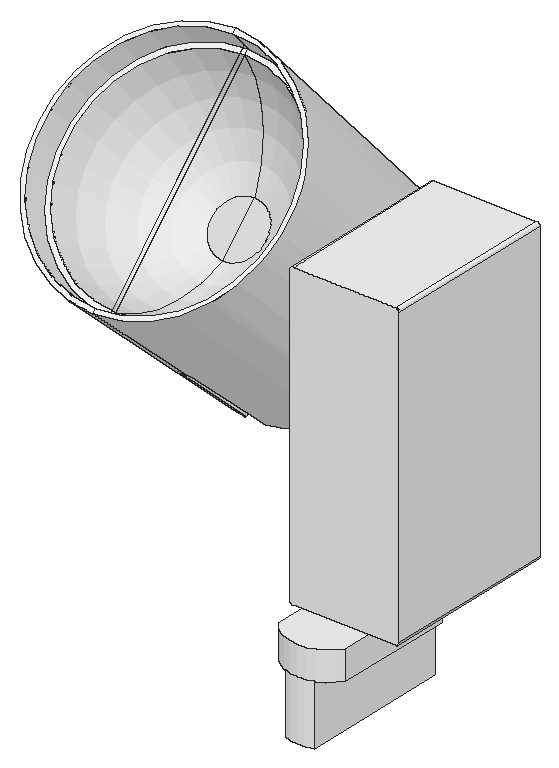
Revit family "0004820 Feilo Sylvania Lighting Fixture START TRACK SPOT L 55W 3K RA80 NB WHITE", category Lighting Fixtures, host Face, Revit 2017
Family settings
  Host = Face
  Round Connector Dimension = Use Diameter
  Part Type = Normal
  OmniClass Number = 23.80.70.00
  OmniClass Title = Lighting
  Cut with Voids When Loaded = No
  Light Source = No
  Shared = No
  Room Calculation Point = No
Parameters (values of type "0004820 START TRACK SPOT L 55W 3K RA80 NB WHITE")
  Weight = "1.398 kg"
  Wattage Comments = ""
  WarrantyStartDate [instance] = "n/a"
  WarrantyGuarantorParts = "n/a"
  WarrantyDurationUnit = "n/a"
  WarrantyDurationParts = "n/a"
  WarrantyDescription = "n/a"
  Voltage = 230 V
  URL = "http://www.sylvania-lighting.com"
  TypeName = "START TRACK SPOT L 55W 3K RA80 NB WHITE"
  TypeHead_FEILO = Start Track Spot Head : 0004820 START TRACK SPOT L 55W 3K RA80 NB WHITE
  TypeBox_FEILO = Start Track Spot Box : Type Large White
  Type Image = <None>
  Type Comments = "n/a"
  VerticalRotation_FEILO [instance] = 0.00°
  SlideEndAngle_FEILO [instance] = VerticalRotation_FEILO + 180.00°  # 180.00°
  SerialNumber [instance] = "n/a"
  Material_3_FEILO = none
  PowerFactor = 0.96
  PowerConsumption = "55 W"
  NominalLength = 0 mm
  NominalHeight = 240 mm
  NominalDepth = 164 mm
  Name = "START TRACK SPOT L 55W 3K RA80 NB WHITE"
  ModelReference = Name  # "START TRACK SPOT L 55W 3K RA80 NB WHITE"
  ModelNumber = "0004820"
  Model = Name  # "START TRACK SPOT L 55W 3K RA80 NB WHITE"
  Material = "adc12 aluminium housing, polycarbonate diffuser"
  ManufacturerName = "Feilo Sylvania"
  Manufacturer = "Feilo Sylvania"
  LuminousEfficacy = "99 lm/W"
  LuminaireType = ""
  LightOutputRatio = "100"
  LampsType = Lamp  # "LED"
  LampNominalLuminous = "5449 lm"
  LampMacAdamStep = "3"
  LampColourTemperature = "3000 K"
  LampColourRenderingIndex = "80"
  Lamp = "LED"
  Keynote = "16500"
  InstallationDate [instance] = "n/a"
  InputVoltage = "230-240V~"
  InputNominalFrequency = "50/60 Hz"
  IngressProtection = "IP20"
  ImpactProtectionIndex = "IK02"
  IfcExportType = "IfcLightFixtureType"
  IfcExportAs = "IfcLightFixtureType"
  HorizontalRotation_FEILO [instance] = 45.00°
  ExpectedLife = 50000
  ElectricShockClassification = "Class II"
  DurationUnit = "hours"
  DocumentationLiterature = "http://www.sylvania-lighting.com/product/en-int/products/0004820"
  DimmingControlOptions = "Non dimmable"
  Material_2_FEILO = none
  Description = "Integrated LED spotlight, Textured White - RAL9016, compact and minimalist design, ideal for retail applications, die-cast aluminium body, passive cooling heatsink. Beam angle: 15°, color temperature: 3000K , total system power: 55W, total fixture output: 5449 lm, LOR: 100%, colour rendering: Ra: 80 typical, LED Chromaticity: 3 step MacAdam ellipse, lifetime: >50000 hours at L70B50, energy class: A++, A+, A, IR/UV free light source without heat radiation, operating voltage: 220-240V / 50-60Hz, drive current: 1400mA, electronic driver, non-dimmable, power factor: 0.96, electrical protection: Class II, Global Track 3 Phase adapter suitable for Global trac 3-circuit tracks, ingress protection rating: IP20, suitable for internal environment only, horizontal rotation: 355°, vertical tilt: 90°, dimensions: Ø113x164x240, weight: 1.398kg."
  Default Elevation = 1219.2 mm
  CreatedOn = "12/12/2017"
  CreatedBy = ""
  Cost = 0
  built-in parameter 1114216 [instance] = (empty or 0)
  ClassificationValue = "EF_70_80"
  ClassificationName = "Uniclass2015"
  Material_1_FEILO = Body-Sylvania-StartTrackSpot-White
  BarCode [instance] = "n/a"
  AssetType = "Fixed"
  AssetIdentifier [instance] = "n/a"
  Assembly Code = "D5020200"
  Apparent Load = 55 VA
  Material_4_FEILO = none
Reference planes
  plane 1 "Center (Front/Back)": y = 0
  plane 2: z = 0
  plane 3 "Center (Left/Right)": x = 0
  plane 4: x = 15
  plane 5: x = -15
  plane 6: y = 35
  plane 7: y = -35
  plane 8: z = 13
  plane 9: z = -27
  plane 10: x = 6.5
  plane 11: x = -6.5
  plane 12: y = 27
  plane 13: y = -27
  plane 14: y = 20
Forms (mm)
  Extrusion 1, solid, material "Body-Sylvania-StartTrackSpot-White" <- "Material_1_FEILO"
    sketch origin (0, 0, 0) x (1, 0, 0) y (0, 1, 0)
      loop
        line (-15, 27) -> (-15, -27)
        arc (-15, -27) -> (0, -35) -> (15, -27) r 18.062
        line (15, -27) -> (15, 27)
        arc (15, 27) -> (0, 35) -> (-15, 27) r 18.062
    from 0 to 13
  Extrusion 2, solid, material "Body-Sylvania-StartTrackSpot-White" <- "Material_1_FEILO"
    sketch origin (0, 0, 0) x (1, 0, 0) y (0, 1, 0)
      loop
        arc (6.5, 33.79) -> (0, 35) -> (-6.5, 33.79) r 18.062
        line (-6.5, 33.79) -> (-6.5, -33.79)
        arc (-6.5, -33.79) -> (0, -35) -> (6.5, -33.79) r 18.062
        line (6.5, -33.79) -> (6.5, 33.79)
    from 0 to -27
  Revolve 3, solid, not visible
    sketch origin (1524, 20, 1219.2) x (1, 0, 0) y (0, 0, 1)
      loop
        line (-1524, -1206.2) -> (-1524, -1191.285) -> (-1530.5, -1191.285) -> (-1530.5, -1206.2) -> (-1524, -1206.2)
      axis (-1524, -1191.285) -> (-1524, -1206.2)
    angle from 0 <- "VerticalRotation_FEILO" to 180 <- "SlideEndAngle_FEILO"
Cuts and joins
  joined: Extrusion 1, Extrusion 2
Dimensions and locks
  equal spacing: plane 10, plane 3 "Center (Left/Right)", plane 11
  equal spacing: plane 4, plane 3 "Center (Left/Right)", plane 5
  locked: plane 8 to plane 2 at 13
  locked: plane 8 to plane 9 at 40
  equal spacing: plane 13, plane 1 "Center (Front/Back)", plane 12
  locked: plane 12 to plane 6 at 8
  locked: plane 14 to plane 6 at 15
  locked: Revolve 3 sketch curve to plane 8 at 14.915
  aligned and locked: plane 2 to host face
  aligned and locked: level to host face
  aligned and locked: plane 5 to Extrusion 1 sketch curve  (x2)
  aligned and locked: plane 12 to Extrusion 1 sketch curve
  aligned and locked: plane 13 to Extrusion 1 sketch curve
  aligned and locked: plane 4 to Extrusion 1 sketch curve
  aligned and locked: Extrusion 1 to plane 8
  aligned and locked: Extrusion 1 to level
  aligned and locked: Extrusion 2 sketch curve to Extrusion 1  (x2)
  aligned and locked: Extrusion 2 sketch curve to plane 11
  aligned and locked: plane 10 to Extrusion 2 sketch curve
  aligned and locked: plane 9 to Extrusion 2
  aligned and locked: level to Extrusion 2
  aligned and locked: Revolve 3 sketch curve to plane 3 "Center (Left/Right)"  (x2)
  aligned and locked: plane 11 to Revolve 3 sketch curve
  aligned and locked: Revolve 3 sketch curve to plane 8
Automatic sketch dimensions
  host sketch curve to host sketch curve = 2438.4 mm  (x2)
  Extrusion 1 sketch curve to plane 3 "Center (Left/Right)" = 0 mm  (x2)
  Extrusion 1 sketch curve to plane 13 = 10.062 mm
  plane 12 to Extrusion 1 sketch curve = 10.062 mm
  Revolve 3 sketch curve to plane 3 "Center (Left/Right)" = 0 mm
  plane 9 to Revolve 3 sketch curve = 582.6 mm
  Revolve 3 sketch curve to Revolve 3 sketch curve = 2581.144 mm
Nested families
  nested 1: "Start Track Spot Head" at (-75.5, 20, 133) x (0, 0.7071, 0.7071) z (0, 0.7071, -0.7071), type <- "TypeHead_FEILO", type "0004820 START TRACK SPOT L 55W 3K RA80 NB WHITE"
    with built-in parameter 1114216 (empty or 0)
  nested 2: "Start Track Spot Box" at (8.5, 20, 85) x (-1, 0, 0) z (0, -1, 0), BoxStartAngle_FEILO <- "HorizontalRotation_FEILO", type <- "TypeBox_FEILO", type "Type Large White"
    with BoxStartAngle_FEILO 45.00°, BoxEndAngle_FEILO -135.00°
Connectors
  electrical at (0, 0, 0), driven by "Apparent Load", driven by "PowerFactor", driven by "Voltage"
    settings: index 1, voltage 230 V, apparent load 55 VA, apparent load phase1 0 VA, apparent load phase2 0 VA, apparent load phase3 0 VA, power factor 0.96, load classification "Lighting", number of poles 1, system type 30, power factor state 1, is connector primary yes, connector utility no, sub classification motor no, connector description ""
Definition of nested family "Start Track Spot Head"
  Parameters (values of type "0004811 START TRACK SPOT S 14W 3K RA80 NB WHITE")
    Wattage Comments = "n/a"
    Wattage = 14 W
    built-in parameter 1150110 = 1 (stored number, unit not read)
    URL = "http://www.feilosylvania.com"
    Type Image = (empty or 0)
    Type Comments = "n/a"
    built-in parameter 1114217 = 1 (stored number, unit not read)
    Tilt Angle = -90.00°
    built-in parameter 1150109 = 1 (stored number, unit not read)
    built-in parameter 1150134 = (empty or 0)
    built-in parameter 1150113 = 1 (stored number, unit not read)
    Photometric Web File = "0004811.ies"
    Material_3_FEILO = none
    Model = "START TRACK SPOT S 14W 3K RA80 NB WHITE"
    Manufacturer = "Feilo Sylvania"
    built-in parameter 1150105 = 123.66 (stored number, unit not read)
    Lumens = 1554 lm
    built-in parameter 1150115 = 1 (stored number, unit not read)
    built-in parameter 1150137 = (empty or 0)
    built-in parameter 1150139 = (empty or 0)
    built-in parameter 1150112 = 1 (stored number, unit not read)
    built-in parameter 1150114 = 1 (stored number, unit not read)
    Lamp = "LED"
    Keynote = "16500"
    Material_2_FEILO = none
    built-in parameter 1150132 = (empty or 0)
    built-in parameter 1150102 = (empty or 0)
    built-in parameter 1150107 = 3000 (stored number, unit not read)
    built-in parameter 1150138 = (empty or 0)
    built-in parameter 1150106 = 1.2366 (stored number, unit not read)
    HeadThickness_FEILO = if(HeadDiaOut_FEILO > 112 mm, 2 mm, 1.5 mm)  # 1.5 mm
    HeadRibOffset_FEILO = HeadHeight_FEILO / 28  # 4.179 mm
    HeadRibDepth_FEILO = HeadHeight_FEILO / 2.1  # 55.714 mm
    HeadRibCutWidth_FEILO = HeadDiaOut_FEILO / 12  # 7.167 mm
    HeadRibCutOffset_FEILO = HeadHeight_FEILO / 2.3  # 50.87 mm
    HeadReflectorRadius_FEILO = HeadDiaOut_FEILO / 1.7  # 50.588 mm
    HeadReflectorOffset_FEILO = HeadHeight_FEILO / 2.1  # 55.714 mm
    HeadLEDRadius_FEILO = HeadDiaOut_FEILO / 9  # 9.556 mm
    HeadHeight_FEILO = 117 mm
    HeadDraft_FEILO = 1 mm
    HeadDiffusorThickness_FEILO = 3 mm
    HeadDiffusorOffset_FEILO = HeadHeight_FEILO / 12.4  # 9.435 mm
    HeadDiaOut_FEILO = 86 mm
    HeadDiaIn_FEILO = HeadDiaOut_FEILO / 1.11  # 77.477 mm
    HeadAxisFromTop_FEILO = HeadHeight_FEILO / 1.687  # 69.354 mm
    Emit from Circle Diameter = HeadDiaIn_FEILO  # 77.477 mm
    Emit Shape Visible in Rendering = no
    built-in parameter 1150104 = 10.312 (stored number, unit not read)
    Dimming Lamp Color Temperature Shift = (empty or 0)
    Description = "Integrated LED spotlight, Textured White - RAL9016, compact and minimalist design, ideal for retail applications, die-cast aluminium body, passive cooling heatsink. Beam angle: 12°, color temperature: 3000K , total system power: 14W, total fixture output: 1551 lm, LOR: 100%, colour rendering: Ra: 80 typical, LED Chromaticity: 3 step MacAdam ellipse, lifetime: >50000 hours at L70B50, energy class: A++, A+, A, IR/UV free light source without heat radiation, operating voltage: 220-240V / 50-60Hz, drive current: 350mA, electronic driver, non-dimmable, power factor: 0.92, electrical protection: Class II, Global Track 3 Phase adapter suitable for Global trac 3-circuit tracks, ingress protection rating: IP20, suitable for internal environment only, horizontal rotation: 355°, vertical tilt: 90°, dimensions: Ø86x140x200, weight: 0.940kg."
    Default Elevation = 1219.2 mm
    Cost = 0
    Color Filter = 16777215
    built-in parameter 1114216 [instance] = (empty or 0)
    Material_1_FEILO = none
    built-in parameter 1114218 = 1 (stored number, unit not read)
    built-in parameter 1150133 = 10 (stored number, unit not read)
    Assembly Code = "D5020200"
    Apparent Load = 14 VA
    Material_4_FEILO = none
  Types (96, lengths in mm): name | Wattage | built-in parameter 1150134 | Photometric Web File | Model | built-in parameter 1150105 | Lumens | built-in parameter 1150107 | built-in parameter 1150106 | HeadThickness_FEILO | HeadRibOffset_FEILO | HeadRibDepth_FEILO | HeadRibCutWidth_FEILO | HeadRibCutOffset_FEILO | HeadReflectorRadius_FEILO | HeadReflectorOffset_FEILO | HeadLEDRadius_FEILO | HeadHeight_FEILO | HeadDiffusorOffset_FEILO | HeadDiaOut_FEILO | HeadDiaIn_FEILO | HeadAxisFromTop_FEILO | Emit from Circle Diameter | built-in parameter 1150104 | Description | Apparent Load
    0004906 START TRACK SPOT L 55W 4K RA90 WB BLACK | 55 W | 12 | "0004906.ies" | "START TRACK SPOT L 55W 4K RA90 WB BLACK" | 385.15 (stored number, unit not read) | 4840 lm | 4000 (stored number, unit not read) | 3.8515 (stored number, unit not read) | 2 | 4.429 | 59.048 | 9.417 | 53.913 | 66.471 | 59.048 | 12.556 | 124 | 10 | 113 | 101.802 | 73.503 | 101.802 | 8.1755 (stored number, unit not read) | "Integrated LED spotlight, Textured Black - RAL9005, compact and minimalist design, ideal for retail applications, die-cast aluminium body, passive cooling heatsink. Beam angle: 52°, color temperature: 4000K , total system power: 55W, total fixture output: 4824 lm, LOR: 100%, colour rendering: Ra: 90 typical, LED Chromaticity: 3 step MacAdam ellipse, lifetime: >50000 hours at L70B50, energy class: A++, A+, A, IR/UV free light source without heat radiation, operating voltage: 220-240V / 50-60Hz, drive current: 1400mA, electronic driver, non-dimmable, power factor: 0.96, electrical protection: Class II, Global Track 3 Phase adapter suitable for Global trac 3-circuit tracks, ingress protection rating: IP20, suitable for internal environment only, horizontal rotation: 355°, vertical tilt: 90°, dimensions: Ø113x164x240, weight: 1.398kg." | 55 VA
    0004905 START TRACK SPOT L 55W 4K RA90 MB BLACK | 55 W | 12 | "0004905.ies" | "START TRACK SPOT L 55W 4K RA90 MB BLACK" | 389.53 (stored number, unit not read) | 4895 lm | 4000 (stored number, unit not read) | 3.8953 (stored number, unit not read) | 2 | 4.429 | 59.048 | 9.417 | 53.913 | 66.471 | 59.048 | 12.556 | 124 | 10 | 113 | 101.802 | 73.503 | 101.802 | 8.2684 (stored number, unit not read) | "Integrated LED spotlight, Textured Black - RAL9005, compact and minimalist design, ideal for retail applications, die-cast aluminium body, passive cooling heatsink. Beam angle: 38°, color temperature: 4000K , total system power: 55W, total fixture output: 4897 lm, LOR: 100%, colour rendering: Ra: 90 typical, LED Chromaticity: 3 step MacAdam ellipse, lifetime: >50000 hours at L70B50, energy class: A++, A+, A, IR/UV free light source without heat radiation, operating voltage: 220-240V / 50-60Hz, drive current: 1400mA, electronic driver, non-dimmable, power factor: 0.96, electrical protection: Class II, Global Track 3 Phase adapter suitable for Global trac 3-circuit tracks, ingress protection rating: IP20, suitable for internal environment only, horizontal rotation: 355°, vertical tilt: 90°, dimensions: Ø113x164x240, weight: 1.398kg." | 55 VA
    0004904 START TRACK SPOT L 55W 4K RA90 NB BLACK | 55 W | 12 | "0004904.ies" | "START TRACK SPOT L 55W 4K RA90 NB BLACK" | 393.91 (stored number, unit not read) | 4950 lm | 4000 (stored number, unit not read) | 3.9391 (stored number, unit not read) | 2 | 4.429 | 59.048 | 9.417 | 53.913 | 66.471 | 59.048 | 12.556 | 124 | 10 | 113 | 101.802 | 73.503 | 101.802 | 8.3613 (stored number, unit not read) | "Integrated LED spotlight, Textured Black - RAL9005, compact and minimalist design, ideal for retail applications, die-cast aluminium body, passive cooling heatsink. Beam angle: 15°, color temperature: 4000K , total system power: 55W, total fixture output: 4965 lm, LOR: 100%, colour rendering: Ra: 90 typical, LED Chromaticity: 3 step MacAdam ellipse, lifetime: >50000 hours at L70B50, energy class: A++, A+, A, IR/UV free light source without heat radiation, operating voltage: 220-240V / 50-60Hz, drive current: 1400mA, electronic driver, non-dimmable, power factor: 0.96, electrical protection: Class II, Global Track 3 Phase adapter suitable for Global trac 3-circuit tracks, ingress protection rating: IP20, suitable for internal environment only, horizontal rotation: 355°, vertical tilt: 90°, dimensions: Ø113x164x240, weight: 1.398kg." | 55 VA
    0004903 START TRACK SPOT L 35W 4K RA90 WB BLACK | 35 W | 12 | "0004903.ies" | "START TRACK SPOT L 35W 4K RA90 WB BLACK" | 284.09 (stored number, unit not read) | 3570 lm | 4000 (stored number, unit not read) | 2.8409 (stored number, unit not read) | 2 | 4.429 | 59.048 | 9.417 | 53.913 | 66.471 | 59.048 | 12.556 | 124 | 10 | 113 | 101.802 | 73.503 | 101.802 | 9.4761 (stored number, unit not read) | "Integrated LED spotlight, Textured Black - RAL9005, compact and minimalist design, ideal for retail applications, die-cast aluminium body, passive cooling heatsink. Beam angle: 52°, color temperature: 4000K , total system power: 35W, total fixture output: 3562 lm, LOR: 100%, colour rendering: Ra: 90 typical, LED Chromaticity: 3 step MacAdam ellipse, lifetime: >50000 hours at L70B50, energy class: A++, A+, A, IR/UV free light source without heat radiation, operating voltage: 220-240V / 50-60Hz, drive current: 900mA, electronic driver, non-dimmable, power factor: 0.93, electrical protection: Class II, Global Track 3 Phase adapter suitable for Global trac 3-circuit tracks, ingress protection rating: IP20, suitable for internal environment only, horizontal rotation: 355°, vertical tilt: 90°, dimensions: Ø113x164x240, weight: 1.368kg." | 35 VA
    0004902 START TRACK SPOT L 35W 4K RA90 MB BLACK | 35 W | 12 | "0004902.ies" | "START TRACK SPOT L 35W 4K RA90 MB BLACK" | 286.88 (stored number, unit not read) | 3605 lm | 4000 (stored number, unit not read) | 2.8688 (stored number, unit not read) | 2 | 4.429 | 59.048 | 9.417 | 53.913 | 66.471 | 59.048 | 12.556 | 124 | 10 | 113 | 101.802 | 73.503 | 101.802 | 9.569 (stored number, unit not read) | "Integrated LED spotlight, Textured Black - RAL9005, compact and minimalist design, ideal for retail applications, die-cast aluminium body, passive cooling heatsink. Beam angle: 38°, color temperature: 4000K , total system power: 35W, total fixture output: 3616 lm, LOR: 100%, colour rendering: Ra: 90 typical, LED Chromaticity: 3 step MacAdam ellipse, lifetime: >50000 hours at L70B50, energy class: A++, A+, A, IR/UV free light source without heat radiation, operating voltage: 220-240V / 50-60Hz, drive current: 900mA, electronic driver, non-dimmable, power factor: 0.93, electrical protection: Class II, Global Track 3 Phase adapter suitable for Global trac 3-circuit tracks, ingress protection rating: IP20, suitable for internal environment only, horizontal rotation: 355°, vertical tilt: 90°, dimensions: Ø113x164x240, weight: 1.368kg." | 35 VA
    0004901 START TRACK SPOT L 35W 4K RA90 NB BLACK | 35 W | 12 | "0004901.ies" | "START TRACK SPOT L 35W 4K RA90 NB BLACK" | 286.88 (stored number, unit not read) | 3605 lm | 4000 (stored number, unit not read) | 2.8688 (stored number, unit not read) | 2 | 4.429 | 59.048 | 9.417 | 53.913 | 66.471 | 59.048 | 12.556 | 124 | 10 | 113 | 101.802 | 73.503 | 101.802 | 9.569 (stored number, unit not read) | "Integrated LED spotlight, Textured Black - RAL9005, compact and minimalist design, ideal for retail applications, die-cast aluminium body, passive cooling heatsink. Beam angle: 15°, color temperature: 4000K , total system power: 35W, total fixture output: 3593 lm, LOR: 100%, colour rendering: Ra: 90 typical, LED Chromaticity: 3 step MacAdam ellipse, lifetime: >50000 hours at L70B50, energy class: A++, A+, A, IR/UV free light source without heat radiation, operating voltage: 220-240V / 50-60Hz, drive current: 900mA, electronic driver, non-dimmable, power factor: 0.93, electrical protection: Class II, Global Track 3 Phase adapter suitable for Global trac 3-circuit tracks, ingress protection rating: IP20, suitable for internal environment only, horizontal rotation: 355°, vertical tilt: 90°, dimensions: Ø113x164x240, weight: 1.368kg." | 35 VA
    0004900 START TRACK SPOT S 24W 4K RA90 WB BLACK | 24 W | 12 | "0004900.ies" | "START TRACK SPOT S 24W 4K RA90 WB BLACK" | 166.16 (stored number, unit not read) | 2088 lm | 4000 (stored number, unit not read) | 1.6616 (stored number, unit not read) | 1.5 | 4.179 | 55.714 | 7.167 | 50.87 | 50.588 | 55.714 | 9.556 | 117 | 9.435 | 86 | 77.477 | 69.354 | 77.477 | 8.0826 (stored number, unit not read) | "Integrated LED spotlight, Textured Black - RAL9005, compact and minimalist design, ideal for retail applications, die-cast aluminium body, passive cooling heatsink. Beam angle: 64°, color temperature: 4000K , total system power: 24W, total fixture output: 2087 lm, LOR: 100%, colour rendering: Ra: 90 typical, LED Chromaticity: 3 step MacAdam ellipse, lifetime: >50000 hours at L70B50, energy class: A++, A+, A, IR/UV free light source without heat radiation, operating voltage: 220-240V / 50-60Hz, drive current: 600mA, electronic driver, non-dimmable, power factor: 0.95, electrical protection: Class II, Global Track 3 Phase adapter suitable for Global trac 3-circuit tracks, ingress protection rating: IP20, suitable for internal environment only, horizontal rotation: 355°, vertical tilt: 90°, dimensions: Ø86x140x200, weight: 0.966kg." | 24 VA
    0004899 START TRACK SPOT S 24W 4K RA90 MB BLACK | 24 W | 12 | "0004899.ies" | "START TRACK SPOT S 24W 4K RA90 MB BLACK" | 169.98 (stored number, unit not read) | 2136 lm | 4000 (stored number, unit not read) | 1.6998 (stored number, unit not read) | 1.5 | 4.179 | 55.714 | 7.167 | 50.87 | 50.588 | 55.714 | 9.556 | 117 | 9.435 | 86 | 77.477 | 69.354 | 77.477 | 8.2684 (stored number, unit not read) | "Integrated LED spotlight, Textured Black - RAL9005, compact and minimalist design, ideal for retail applications, die-cast aluminium body, passive cooling heatsink. Beam angle: 36°, color temperature: 4000K , total system power: 24W, total fixture output: 2141 lm, LOR: 100%, colour rendering: Ra: 90 typical, LED Chromaticity: 3 step MacAdam ellipse, lifetime: >50000 hours at L70B50, energy class: A++, A+, A, IR/UV free light source without heat radiation, operating voltage: 220-240V / 50-60Hz, drive current: 600mA, electronic driver, non-dimmable, power factor: 0.95, electrical protection: Class II, Global Track 3 Phase adapter suitable for Global trac 3-circuit tracks, ingress protection rating: IP20, suitable for internal environment only, horizontal rotation: 355°, vertical tilt: 90°, dimensions: Ø86x140x200, weight: 0.966kg." | 24 VA
    0004898 START TRACK SPOT S 24W 4K RA90 NB BLACK | 24 W | 12 | "0004898.ies" | "START TRACK SPOT S 24W 4K RA90 NB BLACK" | 171.89 (stored number, unit not read) | 2160 lm | 4000 (stored number, unit not read) | 1.7189 (stored number, unit not read) | 1.5 | 4.179 | 55.714 | 7.167 | 50.87 | 50.588 | 55.714 | 9.556 | 117 | 9.435 | 86 | 77.477 | 69.354 | 77.477 | 8.3613 (stored number, unit not read) | "Integrated LED spotlight, Textured Black - RAL9005, compact and minimalist design, ideal for retail applications, die-cast aluminium body, passive cooling heatsink. Beam angle: 12°, color temperature: 4000K , total system power: 24W, total fixture output: 2155 lm, LOR: 100%, colour rendering: Ra: 90 typical, LED Chromaticity: 3 step MacAdam ellipse, lifetime: >50000 hours at L70B50, energy class: A++, A+, A, IR/UV free light source without heat radiation, operating voltage: 220-240V / 50-60Hz, drive current: 600mA, electronic driver, non-dimmable, power factor: 0.95, electrical protection: Class II, Global Track 3 Phase adapter suitable for Global trac 3-circuit tracks, ingress protection rating: IP20, suitable for internal environment only, horizontal rotation: 355°, vertical tilt: 90°, dimensions: Ø86x140x200, weight: 0.966kg." | 24 VA
    0004897 START TRACK SPOT S 14W 4K RA90 WB BLACK | 14 W | 12 | "0004897.ies" | "START TRACK SPOT S 14W 4K RA90 WB BLACK" | 108.07 (stored number, unit not read) | 1358 lm | 4000 (stored number, unit not read) | 1.0807 (stored number, unit not read) | 1.5 | 4.179 | 55.714 | 7.167 | 50.87 | 50.588 | 55.714 | 9.556 | 117 | 9.435 | 86 | 77.477 | 69.354 | 77.477 | 9.0116 (stored number, unit not read) | "Integrated LED spotlight, Textured Black - RAL9005, compact and minimalist design, ideal for retail applications, die-cast aluminium body, passive cooling heatsink. Beam angle: 64°, color temperature: 4000K , total system power: 14W, total fixture output: 1352 lm, LOR: 100%, colour rendering: Ra: 90 typical, LED Chromaticity: 3 step MacAdam ellipse, lifetime: >50000 hours at L70B50, energy class: A++, A+, A, IR/UV free light source without heat radiation, operating voltage: 220-240V / 50-60Hz, drive current: 350mA, electronic driver, non-dimmable, power factor: 0.92, electrical protection: Class II, Global Track 3 Phase adapter suitable for Global trac 3-circuit tracks, ingress protection rating: IP20, suitable for internal environment only, horizontal rotation: 355°, vertical tilt: 90°, dimensions: Ø86x140x200, weight: 0.940kg." | 14 VA
    0004896 START TRACK SPOT S 14W 4K RA90 MB BLACK | 14 W | 12 | "0004896.ies" | "START TRACK SPOT S 14W 4K RA90 MB BLACK" | 108.07 (stored number, unit not read) | 1358 lm | 4000 (stored number, unit not read) | 1.0807 (stored number, unit not read) | 1.5 | 4.179 | 55.714 | 7.167 | 50.87 | 50.588 | 55.714 | 9.556 | 117 | 9.435 | 86 | 77.477 | 69.354 | 77.477 | 9.0116 (stored number, unit not read) | "Integrated LED spotlight, Textured Black - RAL9005, compact and minimalist design, ideal for retail applications, die-cast aluminium body, passive cooling heatsink. Beam angle: 36°, color temperature: 4000K , total system power: 14W, total fixture output: 1359 lm, LOR: 100%, colour rendering: Ra: 90 typical, LED Chromaticity: 3 step MacAdam ellipse, lifetime: >50000 hours at L70B50, energy class: A++, A+, A, IR/UV free light source without heat radiation, operating voltage: 220-240V / 50-60Hz, drive current: 350mA, electronic driver, non-dimmable, power factor: 0.92, electrical protection: Class II, Global Track 3 Phase adapter suitable for Global trac 3-circuit tracks, ingress protection rating: IP20, suitable for internal environment only, horizontal rotation: 355°, vertical tilt: 90°, dimensions: Ø86x140x200, weight: 0.940kg." | 14 VA
    0004895 START TRACK SPOT S 14W 4K RA90 NB BLACK | 14 W | 12 | "0004895.ies" | "START TRACK SPOT S 14W 4K RA90 NB BLACK" | 106.95 (stored number, unit not read) | 1344 lm | 4000 (stored number, unit not read) | 1.0695 (stored number, unit not read) | 1.5 | 4.179 | 55.714 | 7.167 | 50.87 | 50.588 | 55.714 | 9.556 | 117 | 9.435 | 86 | 77.477 | 69.354 | 77.477 | 8.9187 (stored number, unit not read) | "Integrated LED spotlight, Textured Black - RAL9005, compact and minimalist design, ideal for retail applications, die-cast aluminium body, passive cooling heatsink. Beam angle: 12°, color temperature: 4000K , total system power: 14W, total fixture output: 1349 lm, LOR: 100%, colour rendering: Ra: 90 typical, LED Chromaticity: 3 step MacAdam ellipse, lifetime: >50000 hours at L70B50, energy class: A++, A+, A, IR/UV free light source without heat radiation, operating voltage: 220-240V / 50-60Hz, drive current: 350mA, electronic driver, non-dimmable, power factor: 0.92, electrical protection: Class II, Global Track 3 Phase adapter suitable for Global trac 3-circuit tracks, ingress protection rating: IP20, suitable for internal environment only, horizontal rotation: 355°, vertical tilt: 90°, dimensions: Ø86x140x200, weight: 0.940kg." | 14 VA
    0004894 START TRACK SPOT L 55W 3K RA90 WB BLACK | 55 W | (empty or 0) | "0004894.ies" | "START TRACK SPOT L 55W 3K RA90 WB BLACK" | 350.14 (stored number, unit not read) | 4400 lm | 3000 (stored number, unit not read) | 3.5014 (stored number, unit not read) | 2 | 4.429 | 59.048 | 9.417 | 53.913 | 66.471 | 59.048 | 12.556 | 124 | 10 | 113 | 101.802 | 73.503 | 101.802 | 7.4322 (stored number, unit not read) | "Integrated LED spotlight, Textured Black - RAL9005, compact and minimalist design, ideal for retail applications, die-cast aluminium body, passive cooling heatsink. Beam angle: 52°, color temperature: 3000K , total system power: 55W, total fixture output: 4405 lm, LOR: 100%, colour rendering: Ra: 90 typical, LED Chromaticity: 3 step MacAdam ellipse, lifetime: >50000 hours at L70B50, energy class: A++, A+, A, IR/UV free light source without heat radiation, operating voltage: 220-240V / 50-60Hz, drive current: 1400mA, electronic driver, non-dimmable, power factor: 0.96, electrical protection: Class II, Global Track 3 Phase adapter suitable for Global trac 3-circuit tracks, ingress protection rating: IP20, suitable for internal environment only, horizontal rotation: 355°, vertical tilt: 90°, dimensions: Ø113x164x240, weight: 1.398kg." | 55 VA
    0004893 START TRACK SPOT L 55W 3K RA90 MB BLACK | 55 W | (empty or 0) | "0004893.ies" | "START TRACK SPOT L 55W 3K RA90 MB BLACK" | 354.52 (stored number, unit not read) | 4455 lm | 3000 (stored number, unit not read) | 3.5452 (stored number, unit not read) | 2 | 4.429 | 59.048 | 9.417 | 53.913 | 66.471 | 59.048 | 12.556 | 124 | 10 | 113 | 101.802 | 73.503 | 101.802 | 7.5251 (stored number, unit not read) | "Integrated LED spotlight, Textured Black - RAL9005, compact and minimalist design, ideal for retail applications, die-cast aluminium body, passive cooling heatsink. Beam angle: 38°, color temperature: 3000K , total system power: 55W, total fixture output: 4448 lm, LOR: 100%, colour rendering: Ra: 90 typical, LED Chromaticity: 3 step MacAdam ellipse, lifetime: >50000 hours at L70B50, energy class: A++, A+, A, IR/UV free light source without heat radiation, operating voltage: 220-240V / 50-60Hz, drive current: 1400mA, electronic driver, non-dimmable, power factor: 0.96, electrical protection: Class II, Global Track 3 Phase adapter suitable for Global trac 3-circuit tracks, ingress protection rating: IP20, suitable for internal environment only, horizontal rotation: 355°, vertical tilt: 90°, dimensions: Ø113x164x240, weight: 1.398kg." | 55 VA
    0004892 START TRACK SPOT L 55W 3K RA90 NB BLACK | 55 W | (empty or 0) | "0004892.ies" | "START TRACK SPOT L 55W 3K RA90 NB BLACK" | 350.14 (stored number, unit not read) | 4400 lm | 3000 (stored number, unit not read) | 3.5014 (stored number, unit not read) | 2 | 4.429 | 59.048 | 9.417 | 53.913 | 66.471 | 59.048 | 12.556 | 124 | 10 | 113 | 101.802 | 73.503 | 101.802 | 7.4322 (stored number, unit not read) | "Integrated LED spotlight, Textured Black - RAL9005, compact and minimalist design, ideal for retail applications, die-cast aluminium body, passive cooling heatsink. Beam angle: 15°, color temperature: 3000K , total system power: 55W, total fixture output: 4416 lm, LOR: 100%, colour rendering: Ra: 90 typical, LED Chromaticity: 3 step MacAdam ellipse, lifetime: >50000 hours at L70B50, energy class: A++, A+, A, IR/UV free light source without heat radiation, operating voltage: 220-240V / 50-60Hz, drive current: 1400mA, electronic driver, non-dimmable, power factor: 0.96, electrical protection: Class II, Global Track 3 Phase adapter suitable for Global trac 3-circuit tracks, ingress protection rating: IP20, suitable for internal environment only, horizontal rotation: 355°, vertical tilt: 90°, dimensions: Ø113x164x240, weight: 1.398kg." | 55 VA
    0004891 START TRACK SPOT L 35W 3K RA90 WB BLACK | 35 W | (empty or 0) | "0004891.ies" | "START TRACK SPOT L 35W 3K RA90 WB BLACK" | 259.02 (stored number, unit not read) | 3255 lm | 3000 (stored number, unit not read) | 2.5902 (stored number, unit not read) | 2 | 4.429 | 59.048 | 9.417 | 53.913 | 66.471 | 59.048 | 12.556 | 124 | 10 | 113 | 101.802 | 73.503 | 101.802 | 8.64 (stored number, unit not read) | "Integrated LED spotlight, Textured Black - RAL9005, compact and minimalist design, ideal for retail applications, die-cast aluminium body, passive cooling heatsink. Beam angle: 52°, color temperature: 3000K , total system power: 35W, total fixture output: 3260 lm, LOR: 100%, colour rendering: Ra: 90 typical, LED Chromaticity: 3 step MacAdam ellipse, lifetime: >50000 hours at L70B50, energy class: A++, A+, A, IR/UV free light source without heat radiation, operating voltage: 220-240V / 50-60Hz, drive current: 900mA, electronic driver, non-dimmable, power factor: 0.93, electrical protection: Class II, Global Track 3 Phase adapter suitable for Global trac 3-circuit tracks, ingress protection rating: IP20, suitable for internal environment only, horizontal rotation: 355°, vertical tilt: 90°, dimensions: Ø113x164x240, weight: 1.368kg." | 35 VA
    0004890 START TRACK SPOT L 35W 3K RA90 MB BLACK | 35 W | (empty or 0) | "0004890.ies" | "START TRACK SPOT L 35W 3K RA90 MB BLACK" | 261.81 (stored number, unit not read) | 3290 lm | 3000 (stored number, unit not read) | 2.6181 (stored number, unit not read) | 2 | 4.429 | 59.048 | 9.417 | 53.913 | 66.471 | 59.048 | 12.556 | 124 | 10 | 113 | 101.802 | 73.503 | 101.802 | 8.7329 (stored number, unit not read) | "Integrated LED spotlight, Textured Black - RAL9005, compact and minimalist design, ideal for retail applications, die-cast aluminium body, passive cooling heatsink. Beam angle: 38°, color temperature: 3000K , total system power: 35W, total fixture output: 3306 lm, LOR: 100%, colour rendering: Ra: 90 typical, LED Chromaticity: 3 step MacAdam ellipse, lifetime: >50000 hours at L70B50, energy class: A++, A+, A, IR/UV free light source without heat radiation, operating voltage: 220-240V / 50-60Hz, drive current: 900mA, electronic driver, non-dimmable, power factor: 0.93, electrical protection: Class II, Global Track 3 Phase adapter suitable for Global trac 3-circuit tracks, ingress protection rating: IP20, suitable for internal environment only, horizontal rotation: 355°, vertical tilt: 90°, dimensions: Ø113x164x240, weight: 1.368kg." | 35 VA
    0004889 START TRACK SPOT L 35W 3K RA90 NB BLACK | 35 W | (empty or 0) | "0004889.ies" | "START TRACK SPOT L 35W 3K RA90 NB BLACK" | 261.81 (stored number, unit not read) | 3290 lm | 3000 (stored number, unit not read) | 2.6181 (stored number, unit not read) | 2 | 4.429 | 59.048 | 9.417 | 53.913 | 66.471 | 59.048 | 12.556 | 124 | 10 | 113 | 101.802 | 73.503 | 101.802 | 8.7329 (stored number, unit not read) | "Integrated LED spotlight, Textured Black - RAL9005, compact and minimalist design, ideal for retail applications, die-cast aluminium body, passive cooling heatsink. Beam angle: 15°, color temperature: 3000K , total system power: 35W, total fixture output: 3287 lm, LOR: 100%, colour rendering: Ra: 90 typical, LED Chromaticity: 3 step MacAdam ellipse, lifetime: >50000 hours at L70B50, energy class: A++, A+, A, IR/UV free light source without heat radiation, operating voltage: 220-240V / 50-60Hz, drive current: 900mA, electronic driver, non-dimmable, power factor: 0.93, electrical protection: Class II, Global Track 3 Phase adapter suitable for Global trac 3-circuit tracks, ingress protection rating: IP20, suitable for internal environment only, horizontal rotation: 355°, vertical tilt: 90°, dimensions: Ø113x164x240, weight: 1.368kg." | 35 VA
    0004888 START TRACK SPOT S 24W 3K RA90 WB BLACK | 24 W | (empty or 0) | "0004888.ies" | "START TRACK SPOT S 24W 3K RA90 WB BLACK" | 152.79 (stored number, unit not read) | 1920 lm | 3000 (stored number, unit not read) | 1.5279 (stored number, unit not read) | 1.5 | 4.179 | 55.714 | 7.167 | 50.87 | 50.588 | 55.714 | 9.556 | 117 | 9.435 | 86 | 77.477 | 69.354 | 77.477 | 7.4322 (stored number, unit not read) | "Integrated LED spotlight, Textured Black - RAL9005, compact and minimalist design, ideal for retail applications, die-cast aluminium body, passive cooling heatsink. Beam angle: 64°, color temperature: 3000K , total system power: 24W, total fixture output: 1928 lm, LOR: 100%, colour rendering: Ra: 90 typical, LED Chromaticity: 3 step MacAdam ellipse, lifetime: >50000 hours at L70B50, energy class: A++, A+, A, IR/UV free light source without heat radiation, operating voltage: 220-240V / 50-60Hz, drive current: 600mA, electronic driver, non-dimmable, power factor: 0.95, electrical protection: Class II, Global Track 3 Phase adapter suitable for Global trac 3-circuit tracks, ingress protection rating: IP20, suitable for internal environment only, horizontal rotation: 355°, vertical tilt: 90°, dimensions: Ø86x140x200, weight: 0.966kg." | 24 VA
    0004887 START TRACK SPOT S 24W 3K RA90 MB BLACK | 24 W | (empty or 0) | "0004887.ies" | "START TRACK SPOT S 24W 3K RA90 MB BLACK" | 154.7 (stored number, unit not read) | 1944 lm | 3000 (stored number, unit not read) | 1.547 (stored number, unit not read) | 1.5 | 4.179 | 55.714 | 7.167 | 50.87 | 50.588 | 55.714 | 9.556 | 117 | 9.435 | 86 | 77.477 | 69.354 | 77.477 | 7.5251 (stored number, unit not read) | "Integrated LED spotlight, Textured Black - RAL9005, compact and minimalist design, ideal for retail applications, die-cast aluminium body, passive cooling heatsink. Beam angle: 36°, color temperature: 3000K , total system power: 24W, total fixture output: 1944 lm, LOR: 100%, colour rendering: Ra: 90 typical, LED Chromaticity: 3 step MacAdam ellipse, lifetime: >50000 hours at L70B50, energy class: A++, A+, A, IR/UV free light source without heat radiation, operating voltage: 220-240V / 50-60Hz, drive current: 600mA, electronic driver, non-dimmable, power factor: 0.95, electrical protection: Class II, Global Track 3 Phase adapter suitable for Global trac 3-circuit tracks, ingress protection rating: IP20, suitable for internal environment only, horizontal rotation: 355°, vertical tilt: 90°, dimensions: Ø86x140x200, weight: 0.966kg." | 24 VA
    0004886 START TRACK SPOT S 24W 3K RA90 NB BLACK | 24 W | (empty or 0) | "0004886.ies" | "START TRACK SPOT S 24W 3K RA90 NB BLACK" | 158.52 (stored number, unit not read) | 1992 lm | 3000 (stored number, unit not read) | 1.5852 (stored number, unit not read) | 1.5 | 4.179 | 55.714 | 7.167 | 50.87 | 50.588 | 55.714 | 9.556 | 117 | 9.435 | 86 | 77.477 | 69.354 | 77.477 | 7.711 (stored number, unit not read) | "Integrated LED spotlight, Textured Black - RAL9005, compact and minimalist design, ideal for retail applications, die-cast aluminium body, passive cooling heatsink. Beam angle: 12°, color temperature: 3000K , total system power: 24W, total fixture output: 1987 lm, LOR: 100%, colour rendering: Ra: 90 typical, LED Chromaticity: 3 step MacAdam ellipse, lifetime: >50000 hours at L70B50, energy class: A++, A+, A, IR/UV free light source without heat radiation, operating voltage: 220-240V / 50-60Hz, drive current: 600mA, electronic driver, non-dimmable, power factor: 0.95, electrical protection: Class II, Global Track 3 Phase adapter suitable for Global trac 3-circuit tracks, ingress protection rating: IP20, suitable for internal environment only, horizontal rotation: 355°, vertical tilt: 90°, dimensions: Ø86x140x200, weight: 0.966kg." | 24 VA
    0004885 START TRACK SPOT S 14W 3K RA90 WB BLACK | 14 W | (empty or 0) | "0004885.ies" | "START TRACK SPOT S 14W 3K RA90 WB BLACK" | 100.27 (stored number, unit not read) | 1260 lm | 3000 (stored number, unit not read) | 1.0027 (stored number, unit not read) | 1.5 | 4.179 | 55.714 | 7.167 | 50.87 | 50.588 | 55.714 | 9.556 | 117 | 9.435 | 86 | 77.477 | 69.354 | 77.477 | 8.3613 (stored number, unit not read) | "Integrated LED spotlight, Textured Black - RAL9005, compact and minimalist design, ideal for retail applications, die-cast aluminium body, passive cooling heatsink. Beam angle: 64°, color temperature: 3000K , total system power: 14W, total fixture output: 1262 lm, LOR: 100%, colour rendering: Ra: 90 typical, LED Chromaticity: 3 step MacAdam ellipse, lifetime: >50000 hours at L70B50, energy class: A++, A+, A, IR/UV free light source without heat radiation, operating voltage: 220-240V / 50-60Hz, drive current: 350mA, electronic driver, non-dimmable, power factor: 0.92, electrical protection: Class II, Global Track 3 Phase adapter suitable for Global trac 3-circuit tracks, ingress protection rating: IP20, suitable for internal environment only, horizontal rotation: 355°, vertical tilt: 90°, dimensions: Ø86x140x200, weight: 0.940kg." | 14 VA
    0004884 START TRACK SPOT S 14W 3K RA90 MB BLACK | 14 W | (empty or 0) | "0004884.ies" | "START TRACK SPOT S 14W 3K RA90 MB BLACK" | 100.27 (stored number, unit not read) | 1260 lm | 3000 (stored number, unit not read) | 1.0027 (stored number, unit not read) | 1.5 | 4.179 | 55.714 | 7.167 | 50.87 | 50.588 | 55.714 | 9.556 | 117 | 9.435 | 86 | 77.477 | 69.354 | 77.477 | 8.3613 (stored number, unit not read) | "Integrated LED spotlight, Textured Black - RAL9005, compact and minimalist design, ideal for retail applications, die-cast aluminium body, passive cooling heatsink. Beam angle: 36°, color temperature: 3000K , total system power: 14W, total fixture output: 1262 lm, LOR: 100%, colour rendering: Ra: 90 typical, LED Chromaticity: 3 step MacAdam ellipse, lifetime: >50000 hours at L70B50, energy class: A++, A+, A, IR/UV free light source without heat radiation, operating voltage: 220-240V / 50-60Hz, drive current: 350mA, electronic driver, non-dimmable, power factor: 0.92, electrical protection: Class II, Global Track 3 Phase adapter suitable for Global trac 3-circuit tracks, ingress protection rating: IP20, suitable for internal environment only, horizontal rotation: 355°, vertical tilt: 90°, dimensions: Ø86x140x200, weight: 0.940kg." | 14 VA
    0004883 START TRACK SPOT S 14W 3K RA90 NB BLACK | 14 W | (empty or 0) | "0004883.ies" | "START TRACK SPOT S 14W 3K RA90 NB BLACK" | 102.5 (stored number, unit not read) | 1288 lm | 3000 (stored number, unit not read) | 1.025 (stored number, unit not read) | 1.5 | 4.179 | 55.714 | 7.167 | 50.87 | 50.588 | 55.714 | 9.556 | 117 | 9.435 | 86 | 77.477 | 69.354 | 77.477 | 8.5471 (stored number, unit not read) | "Integrated LED spotlight, Textured Black - RAL9005, compact and minimalist design, ideal for retail applications, die-cast aluminium body, passive cooling heatsink. Beam angle: 12°, color temperature: 3000K , total system power: 14W, total fixture output: 1284 lm, LOR: 100%, colour rendering: Ra: 90 typical, LED Chromaticity: 3 step MacAdam ellipse, lifetime: >50000 hours at L70B50, energy class: A++, A+, A, IR/UV free light source without heat radiation, operating voltage: 220-240V / 50-60Hz, drive current: 350mA, electronic driver, non-dimmable, power factor: 0.92, electrical protection: Class II, Global Track 3 Phase adapter suitable for Global trac 3-circuit tracks, ingress protection rating: IP20, suitable for internal environment only, horizontal rotation: 355°, vertical tilt: 90°, dimensions: Ø86x140x200, weight: 0.940kg." | 14 VA
    0004882 START TRACK SPOT L 55W 4K RA90 WB WHITE | 55 W | 12 | "0004882.ies" | "START TRACK SPOT L 55W 4K RA90 WB WHITE" | 385.15 (stored number, unit not read) | 4840 lm | 4000 (stored number, unit not read) | 3.8515 (stored number, unit not read) | 2 | 4.429 | 59.048 | 9.417 | 53.913 | 66.471 | 59.048 | 12.556 | 124 | 10 | 113 | 101.802 | 73.503 | 101.802 | 8.1755 (stored number, unit not read) | "Integrated LED spotlight, Textured White - RAL9016, compact and minimalist design, ideal for retail applications, die-cast aluminium body, passive cooling heatsink. Beam angle: 52°, color temperature: 4000K , total system power: 55W, total fixture output: 4824 lm, LOR: 100%, colour rendering: Ra: 90 typical, LED Chromaticity: 3 step MacAdam ellipse, lifetime: >50000 hours at L70B50, energy class: A++, A+, A, IR/UV free light source without heat radiation, operating voltage: 220-240V / 50-60Hz, drive current: 1400mA, electronic driver, non-dimmable, power factor: 0.96, electrical protection: Class II, Global Track 3 Phase adapter suitable for Global trac 3-circuit tracks, ingress protection rating: IP20, suitable for internal environment only, horizontal rotation: 355°, vertical tilt: 90°, dimensions: Ø113x164x240, weight: 1.398kg." | 55 VA
    0004881 START TRACK SPOT L 55W 4K RA90 MB WHITE | 55 W | 12 | "0004881.ies" | "START TRACK SPOT L 55W 4K RA90 MB WHITE" | 389.53 (stored number, unit not read) | 4895 lm | 4000 (stored number, unit not read) | 3.8953 (stored number, unit not read) | 2 | 4.429 | 59.048 | 9.417 | 53.913 | 66.471 | 59.048 | 12.556 | 124 | 10 | 113 | 101.802 | 73.503 | 101.802 | 8.2684 (stored number, unit not read) | "Integrated LED spotlight, Textured White - RAL9016, compact and minimalist design, ideal for retail applications, die-cast aluminium body, passive cooling heatsink. Beam angle: 38°, color temperature: 4000K , total system power: 55W, total fixture output: 4897 lm, LOR: 100%, colour rendering: Ra: 90 typical, LED Chromaticity: 3 step MacAdam ellipse, lifetime: >50000 hours at L70B50, energy class: A++, A+, A, IR/UV free light source without heat radiation, operating voltage: 220-240V / 50-60Hz, drive current: 1400mA, electronic driver, non-dimmable, power factor: 0.96, electrical protection: Class II, Global Track 3 Phase adapter suitable for Global trac 3-circuit tracks, ingress protection rating: IP20, suitable for internal environment only, horizontal rotation: 355°, vertical tilt: 90°, dimensions: Ø113x164x240, weight: 1.398kg." | 55 VA
    0004880 START TRACK SPOT L 55W 4K RA90 NB WHITE | 55 W | 12 | "0004880.ies" | "START TRACK SPOT L 55W 4K RA90 NB WHITE" | 393.91 (stored number, unit not read) | 4950 lm | 4000 (stored number, unit not read) | 3.9391 (stored number, unit not read) | 2 | 4.429 | 59.048 | 9.417 | 53.913 | 66.471 | 59.048 | 12.556 | 124 | 10 | 113 | 101.802 | 73.503 | 101.802 | 8.3613 (stored number, unit not read) | "Integrated LED spotlight, Textured White - RAL9016, compact and minimalist design, ideal for retail applications, die-cast aluminium body, passive cooling heatsink. Beam angle: 15°, color temperature: 4000K , total system power: 55W, total fixture output: 4965 lm, LOR: 100%, colour rendering: Ra: 90 typical, LED Chromaticity: 3 step MacAdam ellipse, lifetime: >50000 hours at L70B50, energy class: A++, A+, A, IR/UV free light source without heat radiation, operating voltage: 220-240V / 50-60Hz, drive current: 1400mA, electronic driver, non-dimmable, power factor: 0.96, electrical protection: Class II, Global Track 3 Phase adapter suitable for Global trac 3-circuit tracks, ingress protection rating: IP20, suitable for internal environment only, horizontal rotation: 355°, vertical tilt: 90°, dimensions: Ø113x164x240, weight: 1.398kg." | 55 VA
    0004879 START TRACK SPOT L 35W 4K RA90 WB WHITE | 35 W | 12 | "0004879.ies" | "START TRACK SPOT L 35W 4K RA90 WB WHITE" | 284.09 (stored number, unit not read) | 3570 lm | 4000 (stored number, unit not read) | 2.8409 (stored number, unit not read) | 2 | 4.429 | 59.048 | 9.417 | 53.913 | 66.471 | 59.048 | 12.556 | 124 | 10 | 113 | 101.802 | 73.503 | 101.802 | 9.4761 (stored number, unit not read) | "Integrated LED spotlight, Textured White - RAL9016, compact and minimalist design, ideal for retail applications, die-cast aluminium body, passive cooling heatsink. Beam angle: 52°, color temperature: 4000K , total system power: 35W, total fixture output: 3562 lm, LOR: 100%, colour rendering: Ra: 90 typical, LED Chromaticity: 3 step MacAdam ellipse, lifetime: >50000 hours at L70B50, energy class: A++, A+, A, IR/UV free light source without heat radiation, operating voltage: 220-240V / 50-60Hz, drive current: 900mA, electronic driver, non-dimmable, power factor: 0.93, electrical protection: Class II, Global Track 3 Phase adapter suitable for Global trac 3-circuit tracks, ingress protection rating: IP20, suitable for internal environment only, horizontal rotation: 355°, vertical tilt: 90°, dimensions: Ø113x164x240, weight: 1.368kg." | 35 VA
    0004878 START TRACK SPOT L 35W 4K RA90 MB WHITE | 35 W | 12 | "0004878.ies" | "START TRACK SPOT L 35W 4K RA90 MB WHITE" | 286.88 (stored number, unit not read) | 3605 lm | 4000 (stored number, unit not read) | 2.8688 (stored number, unit not read) | 2 | 4.429 | 59.048 | 9.417 | 53.913 | 66.471 | 59.048 | 12.556 | 124 | 10 | 113 | 101.802 | 73.503 | 101.802 | 9.569 (stored number, unit not read) | "Integrated LED spotlight, Textured White - RAL9016, compact and minimalist design, ideal for retail applications, die-cast aluminium body, passive cooling heatsink. Beam angle: 38°, color temperature: 4000K , total system power: 35W, total fixture output: 3616 lm, LOR: 100%, colour rendering: Ra: 90 typical, LED Chromaticity: 3 step MacAdam ellipse, lifetime: >50000 hours at L70B50, energy class: A++, A+, A, IR/UV free light source without heat radiation, operating voltage: 220-240V / 50-60Hz, drive current: 900mA, electronic driver, non-dimmable, power factor: 0.93, electrical protection: Class II, Global Track 3 Phase adapter suitable for Global trac 3-circuit tracks, ingress protection rating: IP20, suitable for internal environment only, horizontal rotation: 355°, vertical tilt: 90°, dimensions: Ø113x164x240, weight: 1.368kg." | 35 VA
    0004877 START TRACK SPOT L 35W 4K RA90 NB WHITE | 35 W | 12 | "0004877.ies" | "START TRACK SPOT L 35W 4K RA90 NB WHITE" | 286.88 (stored number, unit not read) | 3605 lm | 4000 (stored number, unit not read) | 2.8688 (stored number, unit not read) | 2 | 4.429 | 59.048 | 9.417 | 53.913 | 66.471 | 59.048 | 12.556 | 124 | 10 | 113 | 101.802 | 73.503 | 101.802 | 9.569 (stored number, unit not read) | "Integrated LED spotlight, Textured White - RAL9016, compact and minimalist design, ideal for retail applications, die-cast aluminium body, passive cooling heatsink. Beam angle: 15°, color temperature: 4000K , total system power: 35W, total fixture output: 3593 lm, LOR: 100%, colour rendering: Ra: 90 typical, LED Chromaticity: 3 step MacAdam ellipse, lifetime: >50000 hours at L70B50, energy class: A++, A+, A, IR/UV free light source without heat radiation, operating voltage: 220-240V / 50-60Hz, drive current: 900mA, electronic driver, non-dimmable, power factor: 0.93, electrical protection: Class II, Global Track 3 Phase adapter suitable for Global trac 3-circuit tracks, ingress protection rating: IP20, suitable for internal environment only, horizontal rotation: 355°, vertical tilt: 90°, dimensions: Ø113x164x240, weight: 1.368kg." | 35 VA
    0004876 START TRACK SPOT S 24W 4K RA90 WB WHITE | 24 W | 12 | "0004876.ies" | "START TRACK SPOT S 24W 4K RA90 WB WHITE" | 166.16 (stored number, unit not read) | 2088 lm | 4000 (stored number, unit not read) | 1.6616 (stored number, unit not read) | 1.5 | 4.179 | 55.714 | 7.167 | 50.87 | 50.588 | 55.714 | 9.556 | 117 | 9.435 | 86 | 77.477 | 69.354 | 77.477 | 8.0826 (stored number, unit not read) | "Integrated LED spotlight, Textured White - RAL9016, compact and minimalist design, ideal for retail applications, die-cast aluminium body, passive cooling heatsink. Beam angle: 64°, color temperature: 4000K , total system power: 24W, total fixture output: 2087 lm, LOR: 100%, colour rendering: Ra: 90 typical, LED Chromaticity: 3 step MacAdam ellipse, lifetime: >50000 hours at L70B50, energy class: A++, A+, A, IR/UV free light source without heat radiation, operating voltage: 220-240V / 50-60Hz, drive current: 600mA, electronic driver, non-dimmable, power factor: 0.95, electrical protection: Class II, Global Track 3 Phase adapter suitable for Global trac 3-circuit tracks, ingress protection rating: IP20, suitable for internal environment only, horizontal rotation: 355°, vertical tilt: 90°, dimensions: Ø86x140x200, weight: 0.966kg." | 24 VA
    0004875 START TRACK SPOT S 24W 4K RA90 MB WHITE | 24 W | 12 | "0004875.ies" | "START TRACK SPOT S 24W 4K RA90 MB WHITE" | 169.98 (stored number, unit not read) | 2136 lm | 4000 (stored number, unit not read) | 1.6998 (stored number, unit not read) | 1.5 | 4.179 | 55.714 | 7.167 | 50.87 | 50.588 | 55.714 | 9.556 | 117 | 9.435 | 86 | 77.477 | 69.354 | 77.477 | 8.2684 (stored number, unit not read) | "Integrated LED spotlight, Textured White - RAL9016, compact and minimalist design, ideal for retail applications, die-cast aluminium body, passive cooling heatsink. Beam angle: 36°, color temperature: 4000K , total system power: 24W, total fixture output: 2141 lm, LOR: 100%, colour rendering: Ra: 90 typical, LED Chromaticity: 3 step MacAdam ellipse, lifetime: >50000 hours at L70B50, energy class: A++, A+, A, IR/UV free light source without heat radiation, operating voltage: 220-240V / 50-60Hz, drive current: 600mA, electronic driver, non-dimmable, power factor: 0.95, electrical protection: Class II, Global Track 3 Phase adapter suitable for Global trac 3-circuit tracks, ingress protection rating: IP20, suitable for internal environment only, horizontal rotation: 355°, vertical tilt: 90°, dimensions: Ø86x140x200, weight: 0.966kg." | 24 VA
    0004874 START TRACK SPOT S 24W 4K RA90 NB WHITE | 24 W | 12 | "0004874.ies" | "START TRACK SPOT S 24W 4K RA90 NB WHITE" | 171.89 (stored number, unit not read) | 2160 lm | 4000 (stored number, unit not read) | 1.7189 (stored number, unit not read) | 1.5 | 4.179 | 55.714 | 7.167 | 50.87 | 50.588 | 55.714 | 9.556 | 117 | 9.435 | 86 | 77.477 | 69.354 | 77.477 | 8.3613 (stored number, unit not read) | "Integrated LED spotlight, Textured White - RAL9016, compact and minimalist design, ideal for retail applications, die-cast aluminium body, passive cooling heatsink. Beam angle: 12°, color temperature: 4000K , total system power: 24W, total fixture output: 2155 lm, LOR: 100%, colour rendering: Ra: 90 typical, LED Chromaticity: 3 step MacAdam ellipse, lifetime: >50000 hours at L70B50, energy class: A++, A+, A, IR/UV free light source without heat radiation, operating voltage: 220-240V / 50-60Hz, drive current: 600mA, electronic driver, non-dimmable, power factor: 0.95, electrical protection: Class II, Global Track 3 Phase adapter suitable for Global trac 3-circuit tracks, ingress protection rating: IP20, suitable for internal environment only, horizontal rotation: 355°, vertical tilt: 90°, dimensions: Ø86x140x200, weight: 0.966kg." | 24 VA
    0004873 START TRACK SPOT S 14W 4K RA90 WB WHITE | 14 W | 12 | "0004873.ies" | "START TRACK SPOT S 14W 4K RA90 WB WHITE" | 108.07 (stored number, unit not read) | 1358 lm | 4000 (stored number, unit not read) | 1.0807 (stored number, unit not read) | 1.5 | 4.179 | 55.714 | 7.167 | 50.87 | 50.588 | 55.714 | 9.556 | 117 | 9.435 | 86 | 77.477 | 69.354 | 77.477 | 9.0116 (stored number, unit not read) | "Integrated LED spotlight, Textured White - RAL9016, compact and minimalist design, ideal for retail applications, die-cast aluminium body, passive cooling heatsink. Beam angle: 64°, color temperature: 4000K , total system power: 14W, total fixture output: 1352 lm, LOR: 100%, colour rendering: Ra: 90 typical, LED Chromaticity: 3 step MacAdam ellipse, lifetime: >50000 hours at L70B50, energy class: A++, A+, A, IR/UV free light source without heat radiation, operating voltage: 220-240V / 50-60Hz, drive current: 350mA, electronic driver, non-dimmable, power factor: 0.92, electrical protection: Class II, Global Track 3 Phase adapter suitable for Global trac 3-circuit tracks, ingress protection rating: IP20, suitable for internal environment only, horizontal rotation: 355°, vertical tilt: 90°, dimensions: Ø86x140x200, weight: 0.940kg." | 14 VA
    0004872 START TRACK SPOT S 14W 4K RA90 MB WHITE | 14 W | 12 | "0004872.ies" | "START TRACK SPOT S 14W 4K RA90 MB WHITE" | 108.07 (stored number, unit not read) | 1358 lm | 4000 (stored number, unit not read) | 1.0807 (stored number, unit not read) | 1.5 | 4.179 | 55.714 | 7.167 | 50.87 | 50.588 | 55.714 | 9.556 | 117 | 9.435 | 86 | 77.477 | 69.354 | 77.477 | 9.0116 (stored number, unit not read) | "Integrated LED spotlight, Textured White - RAL9016, compact and minimalist design, ideal for retail applications, die-cast aluminium body, passive cooling heatsink. Beam angle: 36°, color temperature: 4000K , total system power: 14W, total fixture output: 1359 lm, LOR: 100%, colour rendering: Ra: 90 typical, LED Chromaticity: 3 step MacAdam ellipse, lifetime: >50000 hours at L70B50, energy class: A++, A+, A, IR/UV free light source without heat radiation, operating voltage: 220-240V / 50-60Hz, drive current: 350mA, electronic driver, non-dimmable, power factor: 0.92, electrical protection: Class II, Global Track 3 Phase adapter suitable for Global trac 3-circuit tracks, ingress protection rating: IP20, suitable for internal environment only, horizontal rotation: 355°, vertical tilt: 90°, dimensions: Ø86x140x200, weight: 0.940kg." | 14 VA
    0004871 START TRACK SPOT S 14W 4K RA90 NB WHITE | 14 W | 12 | "0004871.ies" | "START TRACK SPOT S 14W 4K RA90 NB WHITE" | 106.95 (stored number, unit not read) | 1344 lm | 4000 (stored number, unit not read) | 1.0695 (stored number, unit not read) | 1.5 | 4.179 | 55.714 | 7.167 | 50.87 | 50.588 | 55.714 | 9.556 | 117 | 9.435 | 86 | 77.477 | 69.354 | 77.477 | 8.9187 (stored number, unit not read) | "Integrated LED spotlight, Textured White - RAL9016, compact and minimalist design, ideal for retail applications, die-cast aluminium body, passive cooling heatsink. Beam angle: 12°, color temperature: 4000K , total system power: 14W, total fixture output: 1349 lm, LOR: 100%, colour rendering: Ra: 90 typical, LED Chromaticity: 3 step MacAdam ellipse, lifetime: >50000 hours at L70B50, energy class: A++, A+, A, IR/UV free light source without heat radiation, operating voltage: 220-240V / 50-60Hz, drive current: 350mA, electronic driver, non-dimmable, power factor: 0.92, electrical protection: Class II, Global Track 3 Phase adapter suitable for Global trac 3-circuit tracks, ingress protection rating: IP20, suitable for internal environment only, horizontal rotation: 355°, vertical tilt: 90°, dimensions: Ø86x140x200, weight: 0.940kg." | 14 VA
    0004870 START TRACK SPOT L 55W 3K RA90 WB WHITE | 55 W | (empty or 0) | "0004870.ies" | "START TRACK SPOT L 55W 3K RA90 WB WHITE" | 350.14 (stored number, unit not read) | 4400 lm | 3000 (stored number, unit not read) | 3.5014 (stored number, unit not read) | 2 | 4.429 | 59.048 | 9.417 | 53.913 | 66.471 | 59.048 | 12.556 | 124 | 10 | 113 | 101.802 | 73.503 | 101.802 | 7.4322 (stored number, unit not read) | "Integrated LED spotlight, Textured White - RAL9016, compact and minimalist design, ideal for retail applications, die-cast aluminium body, passive cooling heatsink. Beam angle: 52°, color temperature: 3000K , total system power: 55W, total fixture output: 4405 lm, LOR: 100%, colour rendering: Ra: 90 typical, LED Chromaticity: 3 step MacAdam ellipse, lifetime: >50000 hours at L70B50, energy class: A++, A+, A, IR/UV free light source without heat radiation, operating voltage: 220-240V / 50-60Hz, drive current: 1400mA, electronic driver, non-dimmable, power factor: 0.96, electrical protection: Class II, Global Track 3 Phase adapter suitable for Global trac 3-circuit tracks, ingress protection rating: IP20, suitable for internal environment only, horizontal rotation: 355°, vertical tilt: 90°, dimensions: Ø113x164x240, weight: 1.398kg." | 55 VA
    0004869 START TRACK SPOT L 55W 3K RA90 MB WHITE | 55 W | (empty or 0) | "0004869.ies" | "START TRACK SPOT L 55W 3K RA90 MB WHITE" | 354.52 (stored number, unit not read) | 4455 lm | 3000 (stored number, unit not read) | 3.5452 (stored number, unit not read) | 2 | 4.429 | 59.048 | 9.417 | 53.913 | 66.471 | 59.048 | 12.556 | 124 | 10 | 113 | 101.802 | 73.503 | 101.802 | 7.5251 (stored number, unit not read) | "Integrated LED spotlight, Textured White - RAL9016, compact and minimalist design, ideal for retail applications, die-cast aluminium body, passive cooling heatsink. Beam angle: 38°, color temperature: 3000K , total system power: 55W, total fixture output: 4448 lm, LOR: 100%, colour rendering: Ra: 90 typical, LED Chromaticity: 3 step MacAdam ellipse, lifetime: >50000 hours at L70B50, energy class: A++, A+, A, IR/UV free light source without heat radiation, operating voltage: 220-240V / 50-60Hz, drive current: 1400mA, electronic driver, non-dimmable, power factor: 0.96, electrical protection: Class II, Global Track 3 Phase adapter suitable for Global trac 3-circuit tracks, ingress protection rating: IP20, suitable for internal environment only, horizontal rotation: 355°, vertical tilt: 90°, dimensions: Ø113x164x240, weight: 1.398kg." | 55 VA
    0004868 START TRACK SPOT L 55W 3K RA90 NB WHITE | 55 W | (empty or 0) | "0004868.ies" | "START TRACK SPOT L 55W 3K RA90 NB WHITE" | 350.14 (stored number, unit not read) | 4400 lm | 3000 (stored number, unit not read) | 3.5014 (stored number, unit not read) | 2 | 4.429 | 59.048 | 9.417 | 53.913 | 66.471 | 59.048 | 12.556 | 124 | 10 | 113 | 101.802 | 73.503 | 101.802 | 7.4322 (stored number, unit not read) | "Integrated LED spotlight, Textured White - RAL9016, compact and minimalist design, ideal for retail applications, die-cast aluminium body, passive cooling heatsink. Beam angle: 15°, color temperature: 3000K , total system power: 55W, total fixture output: 4416 lm, LOR: 100%, colour rendering: Ra: 90 typical, LED Chromaticity: 3 step MacAdam ellipse, lifetime: >50000 hours at L70B50, energy class: A++, A+, A, IR/UV free light source without heat radiation, operating voltage: 220-240V / 50-60Hz, drive current: 1400mA, electronic driver, non-dimmable, power factor: 0.96, electrical protection: Class II, Global Track 3 Phase adapter suitable for Global trac 3-circuit tracks, ingress protection rating: IP20, suitable for internal environment only, horizontal rotation: 355°, vertical tilt: 90°, dimensions: Ø113x164x240, weight: 1.398kg." | 55 VA
    0004867 START TRACK SPOT L 35W 3K RA90 WB WHITE | 35 W | (empty or 0) | "0004867.ies" | "START TRACK SPOT L 35W 3K RA90 WB WHITE" | 259.02 (stored number, unit not read) | 3255 lm | 3000 (stored number, unit not read) | 2.5902 (stored number, unit not read) | 2 | 4.429 | 59.048 | 9.417 | 53.913 | 66.471 | 59.048 | 12.556 | 124 | 10 | 113 | 101.802 | 73.503 | 101.802 | 8.64 (stored number, unit not read) | "Integrated LED spotlight, Textured White - RAL9016, compact and minimalist design, ideal for retail applications, die-cast aluminium body, passive cooling heatsink. Beam angle: 52°, color temperature: 3000K , total system power: 35W, total fixture output: 3260 lm, LOR: 100%, colour rendering: Ra: 90 typical, LED Chromaticity: 3 step MacAdam ellipse, lifetime: >50000 hours at L70B50, energy class: A++, A+, A, IR/UV free light source without heat radiation, operating voltage: 220-240V / 50-60Hz, drive current: 900mA, electronic driver, non-dimmable, power factor: 0.93, electrical protection: Class II, Global Track 3 Phase adapter suitable for Global trac 3-circuit tracks, ingress protection rating: IP20, suitable for internal environment only, horizontal rotation: 355°, vertical tilt: 90°, dimensions: Ø113x164x240, weight: 1.368kg." | 35 VA
    0004866 START TRACK SPOT L 35W 3K RA90 MB WHITE | 35 W | (empty or 0) | "0004866.ies" | "START TRACK SPOT L 35W 3K RA90 MB WHITE" | 261.81 (stored number, unit not read) | 3290 lm | 3000 (stored number, unit not read) | 2.6181 (stored number, unit not read) | 2 | 4.429 | 59.048 | 9.417 | 53.913 | 66.471 | 59.048 | 12.556 | 124 | 10 | 113 | 101.802 | 73.503 | 101.802 | 8.7329 (stored number, unit not read) | "Integrated LED spotlight, Textured White - RAL9016, compact and minimalist design, ideal for retail applications, die-cast aluminium body, passive cooling heatsink. Beam angle: 38°, color temperature: 3000K , total system power: 35W, total fixture output: 3306 lm, LOR: 100%, colour rendering: Ra: 90 typical, LED Chromaticity: 3 step MacAdam ellipse, lifetime: >50000 hours at L70B50, energy class: A++, A+, A, IR/UV free light source without heat radiation, operating voltage: 220-240V / 50-60Hz, drive current: 900mA, electronic driver, non-dimmable, power factor: 0.93, electrical protection: Class II, Global Track 3 Phase adapter suitable for Global trac 3-circuit tracks, ingress protection rating: IP20, suitable for internal environment only, horizontal rotation: 355°, vertical tilt: 90°, dimensions: Ø113x164x240, weight: 1.368kg." | 35 VA
    0004865 START TRACK SPOT L 35W 3K RA90 NB WHITE | 35 W | (empty or 0) | "0004865.ies" | "START TRACK SPOT L 35W 3K RA90 NB WHITE" | 261.81 (stored number, unit not read) | 3290 lm | 3000 (stored number, unit not read) | 2.6181 (stored number, unit not read) | 2 | 4.429 | 59.048 | 9.417 | 53.913 | 66.471 | 59.048 | 12.556 | 124 | 10 | 113 | 101.802 | 73.503 | 101.802 | 8.7329 (stored number, unit not read) | "Integrated LED spotlight, Textured White - RAL9016, compact and minimalist design, ideal for retail applications, die-cast aluminium body, passive cooling heatsink. Beam angle: 15°, color temperature: 3000K , total system power: 35W, total fixture output: 3287 lm, LOR: 100%, colour rendering: Ra: 90 typical, LED Chromaticity: 3 step MacAdam ellipse, lifetime: >50000 hours at L70B50, energy class: A++, A+, A, IR/UV free light source without heat radiation, operating voltage: 220-240V / 50-60Hz, drive current: 900mA, electronic driver, non-dimmable, power factor: 0.93, electrical protection: Class II, Global Track 3 Phase adapter suitable for Global trac 3-circuit tracks, ingress protection rating: IP20, suitable for internal environment only, horizontal rotation: 355°, vertical tilt: 90°, dimensions: Ø113x164x240, weight: 1.368kg." | 35 VA
